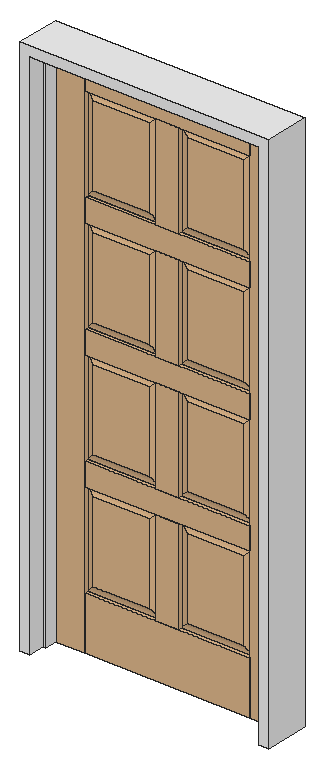
Revit family
Parameters (values of type "1 3/4" Raised Panel")
  URL = "http://www.karonadoor.com"
  Thickness Note = "Do not edit thickness."  # constant formula
  Thickness = 1.774"
  Swing Angle 2D = 90.00°
  SmartBIM Object Version = 1  # constant formula
  SmartBIM Object Created By = "Reed Construction Data"  # constant formula
  Rough Width = 0.000"
  Rough Height = 1.750"
  Panel = Panel_K5810_Karona : 1 3/4" - Raised Panel
  Model = "K5810 Square"  # constant formula
  Manufacturer = "Karona , Inc."  # constant formula
  Detail Door Thickness = 1.750"
  Assembly Code = ""
  Top Rail Height = 5.000"
  Top Rail = Wood, Cherry - Grain Horizontal
  Stile Width = 5.063"
  Stile = Wood, Cherry - Grain Vertical
  Sticking = Wood, Cherry - Grain Vertical
  Middle Rail = Wood, Cherry - Grain Horizontal
  Height = 84.000"
  Wall Closure = (empty or 0)
  Width = 36.000"
  Frame = Metal
  Bottom Rail Height = 8.500"
  Bottom Rail = Wood, Cherry - Grain Horizontal
  95 CSI = "08210"  # constant formula
  04 CSI = "08 14 33"  # constant formula
Types (9): name | Thickness | Rough Height | Panel | Detail Door Thickness
  1 3/4" Flat Panel | 1.774" | 1.750" | Panel_K5810_Karona : 1 3/4" - Flat Panel | 1.750"
  1 3/8" Flat Panel | 1.334" | 0.000" | Panel_K5810_Karona : 1 3/8" - Flat Panel | 1.375"
  2 1/4" Flat Panel | 2.250" | 0.000" | Panel_K5810_Karona : 2 1/4" - Flat Panel | 2.250"
  1 3/4" Glass Panel | 1.774" | 1.750" | Panel_K5810_Karona : 1 3/4" - Glass Panel | 1.750"
  1 3/8" Glass Panel | 1.334" | 0.000" | Panel_K5810_Karona : 1 3/8" - Glass Panel | 1.375"
  2 1/4" Glass Panel | 2.250" | 0.000" | Panel_K5810_Karona : 2 1/4" - Glass | 2.250"
  1 3/4" Raised Panel | 1.774" | 1.750" | Panel_K5810_Karona : 1 3/4" - Raised Panel | 1.750"
  1 3/8" Raised Panel | 1.334" | 0.000" | Panel_K5810_Karona : 1 3/8" - Raised Panel | 1.375"
  2 1/4" Raised Panel | 2.250" | 0.000" | Panel_K5810_Karona : 2 1/4" - Raised Panel | 2.250"
Reference planes (in)
  plane 1 "Center (Front/Back)": y = 0
  plane 2 "Center (Left/Right)": x = 0
  plane 3 "Left": x = -18
  plane 4 "Right": x = 18
  plane 5 "Top": z = 84
  plane 6 "Exterior Edge of Frame": y = 3.5
  plane 7 "Interior Edge of Frame": y = -3.5
  plane 8: y = 1
  plane 9: y = -1
  plane 10 "Opening Left": x = -19.5
  plane 11 "Opening Right": x = 19.5
  plane 12 "Top of Opening": z = 85.5
  plane 13: x = -17.5
Forms (in)
  Sweep 1, solid, material "Metal" <- "Frame"
    path origin (0, 0, 0) x (1, 0, 0) y (0, 0, 1)
      loop
        line (-19.5, 0) -> (-19.5, 85.5) -> (19.5, 85.5) -> (19.5, 0)
    profile origin (-19.5, 0, 42.75) x (-1, 0, 0) y (0, -1, 0)
      loop
        line (0, -3.5) -> (0, 3.5) -> (-1.5, 3.5) -> (-1.5, 1) -> (-2, 1) -> (-2, -1) -> (-1.5, -1) -> (-1.5, -3.5) -> (0, -3.5)
Lines and regions (in)
  Opening 1
    outline origin (-90, -3, 0) x (1, 0, 0) y (0, 0, 1)
      loop
        line (70.5, 0) -> (109.5, 0) -> (109.5, 85.5) -> (70.5, 85.5) -> (70.5, 0)
  symbolic lines, style "Elevation Swing"
    curve 1: line (18, 3, 0) -> (-18, 3, 42)
    curve 2: line (-18, 3, 42) -> (18, 3, 84)
Text (in)
  text "Exterior" at (-46.13199, 20.20143, 0), in view "Ref. Level"
  text "Interior" at (-46.13199, -10.56751, 0), in view "Ref. Level"
  text "Exterior" at (0, 40.15149, 123.01588), in view "Right"
  text "Interior" at (0, -64.39139, 123.01588), in view "Right"
  text "Interior" at (0, -31.01599, 123.00693), in view "Left"
  text "Exterior" at (0, 54.57065, 123.00693), in view "Left"
Dimensions and locks (in)
  "Height": level to plane 5 "Top"
  "Width": plane 3 "Left" to plane 4 "Right"
  equal spacing: host wall, curve 2, plane 5 "Top"
  locked: host wall to plane 7 "Interior Edge of Frame" at 0.5
  locked: plane 6 "Exterior Edge of Frame" to host wall at 0.5
  locked: plane 9 to plane 7 "Interior Edge of Frame" at 2.5
  locked: plane 6 "Exterior Edge of Frame" to plane 8 at 2.5
  equal spacing: plane 3 "Left", plane 2 "Center (Left/Right)", plane 4 "Right"
  locked: plane 4 "Right" to plane 11 "Opening Right" at 1.5
  locked: plane 5 "Top" to plane 12 "Top of Opening" at 1.5
  locked: plane 3 "Left" to plane 13 at 0.5
  locked: plane 10 "Opening Left" to plane 3 "Left" at 1.5
  aligned and locked: Opening 1 sketch curve to level
  aligned and locked: plane 4 "Right" to curve 1
  aligned and locked: plane 3 "Left" to curve 1
  aligned and locked: plane 5 "Top" to curve 2
  aligned and locked: Opening 1 sketch curve to plane 11 "Opening Right"
  aligned and locked: plane 12 "Top of Opening" to Opening 1 sketch curve
  aligned and locked: Opening 1 sketch curve to plane 10 "Opening Left"
  aligned and locked: plane 10 "Opening Left" to Sweep 1 sketch curve
  aligned and locked: plane 12 "Top of Opening" to Sweep 1 sketch curve
  aligned and locked: plane 11 "Opening Right" to Sweep 1 sketch curve
  aligned and locked: level to Sweep 1 sketch curve  (x2)
  aligned and locked: Sweep 1 sketch curve to plane 10 "Opening Left"
  aligned and locked: Sweep 1 sketch curve to plane 6 "Exterior Edge of Frame"
  aligned and locked: Sweep 1 sketch curve to plane 7 "Interior Edge of Frame"
  aligned and locked: Sweep 1 sketch curve to plane 8
  aligned and locked: Sweep 1 sketch curve to plane 9
  aligned and locked: plane 13 to Sweep 1 sketch curve
  aligned and locked: plane 3 "Left" to Sweep 1 sketch curve  (x2)
  aligned and locked: nested 1 to plane 2 "Center (Left/Right)"
  aligned and locked: nested 1 to plane 8
  aligned and locked: nested 2 to plane 3 "Left"
  aligned and locked: nested 2 to plane 8
Automatic sketch dimensions
  curve 1 to level = 0.000"
  curve 2 to plane 4 "Right" = 0.000"
Nested families (in)
  nested 1: "Panel_K5810_Karona" at (-13.5, 0.6591, 0) x (-1, 0, 0) z (0, 0, 1), type <- "Panel", type "1 3/4" - Raised Panel"
    with Top Rail Height 5.000", Top Panel Offset 12.45313", Stile Width 5.063", Panel Width 11.1245", Panel Height 14.90625", Half Panel Width 5.56225", Half Panel Height 7.45313", Cross Rail and Panel Spacing Start 9.26562", Cross Rail Panel Height 18.53125", Bottom Rail Height 8.500"
  nested 2: "Door Panel Plan View" at (-31.5, 1, 0) x (-1, 0, 0) z (0, 0, 1), type "Door Panel Plan View"
    with Thickness 1.750", Height 84.000"
Definition of nested family "Panel_K5810_Karona"
  Parameters (values of type "1 3/4" - Raised Panel")
    Width = 36.000"
    Top Rail Material = Wood, Cherry - Grain Horizontal
    Top Rail Height = 10.000"
    Top Panel Offset = Top Rail Height + Half Panel Height  # 16.64063"
    Thickness Note = "Do not change door thickness"  # constant formula
    Thickness = 1.774"
    Stile Width = 10.000"
    Stile Material = Wood, Cherry - Grain Vertical
    Sticking Material = Wood, Cherry - Grain Vertical
    Panel Width = (Width - (Stile Width + Stile Width + Mullion Width)) / 2  # 6.1875"
    Panel Height = (Height - (Bottom Rail Height + Top Rail Height) - (3 * Mullion Width)) / 4  # 13.28125"
    Panel = Glass-Sticking-Assembly-Square_Karona : Raised Panel
    Mullion Width = 3.625"  # constant formula
    Interior Panel = Wood, Cherry - Grain Vertical
    Height = 84.000"
    Half Panel Width = 0.5 * Panel Width  # 3.09375"
    Half Panel Height = 0.5 * Panel Height  # 6.64063"
    Exterior Edge - Glass Bottom Offset = if(Thickness = 1.774", 0.567", if(Thickness = 2.250", 0.803", 0.469"))  # 0.567"
    Door Panel Material = Wood, Cherry - Grain Vertical
    Default Elevation = 0.000"  # constant formula
    Cross Rail and Panel Spacing Start = Half Panel Height + 0.5 * (3.625")  # 8.45313"
    Cross Rail Panel Height = Panel Height + 3.625"  # 16.90625"
    Bottom Rail Material = Wood, Cherry - Grain Horizontal
    Bottom Rail Height = 10.000"
    Assembly Code = ""
  Types (9): name | Top Rail Height | Top Panel Offset | Thickness | Stile Width | Panel Width | Panel Height | Panel | Interior Panel | Half Panel Width | Half Panel Height | Exterior Edge - Glass Bottom Offset | Cross Rail and Panel Spacing Start | Cross Rail Panel Height | Bottom Rail Height
    2 1/4" - Flat Panel | 5.000" | 12.45313" | 2.250" | 5.063" | 11.1245" | 14.90625" | Glass-Sticking-Assembly-Square_Karona : Flat Panel | Wood, Cherry - Grain Vertical | 5.56225" | 7.45313" | 0.803" | 9.26562" | 18.53125" | 8.500"
    2 1/4" - Glass | 5.000" | 12.45313" | 2.250" | 5.063" | 11.1245" | 14.90625" | Glass-Sticking-Assembly-Square_Karona : Glass Panel | Glass | 5.56225" | 7.45313" | 0.803" | 9.26562" | 18.53125" | 8.500"
    2 1/4" - Raised Panel | 5.000" | 12.45313" | 2.250" | 5.063" | 11.1245" | 14.90625" | Glass-Sticking-Assembly-Square_Karona : Raised Panel | Wood, Cherry - Grain Vertical | 5.56225" | 7.45313" | 0.803" | 9.26562" | 18.53125" | 8.500"
    1 3/4" - Raised Panel | 10.000" | 16.64063" | 1.774" | 10.000" | 6.1875" | 13.28125" | Glass-Sticking-Assembly-Square_Karona : Raised Panel | Wood, Cherry - Grain Vertical | 3.09375" | 6.64063" | 0.567" | 8.45313" | 16.90625" | 10.000"
    1 3/4" - Flat Panel | 5.000" | 12.45313" | 1.774" | 5.063" | 11.1245" | 14.90625" | Glass-Sticking-Assembly-Square_Karona : Flat Panel | Wood, Cherry - Grain Vertical | 5.56225" | 7.45313" | 0.567" | 9.26562" | 18.53125" | 8.500"
    1 3/4" - Glass Panel | 5.000" | 12.45313" | 1.774" | 5.063" | 11.1245" | 14.90625" | Glass-Sticking-Assembly-Square_Karona : Glass Panel | Glass | 5.56225" | 7.45313" | 0.567" | 9.26562" | 18.53125" | 8.500"
    1 3/8" - Raised Panel | 5.000" | 12.45313" | 1.334" | 5.063" | 11.1245" | 14.90625" | Glass-Sticking-Assembly-Square_Karona : Raised Panel | Wood, Cherry - Grain Vertical | 5.56225" | 7.45313" | 0.469" | 9.26562" | 18.53125" | 8.500"
    1 3/8" - Glass Panel | 5.000" | 12.45313" | 1.334" | 5.063" | 11.1245" | 14.90625" | Glass-Sticking-Assembly-Square_Karona : Glass Panel | Glass | 5.56225" | 7.45313" | 0.469" | 9.26562" | 18.53125" | 8.500"
    1 3/8" - Flat Panel | 5.000" | 12.45313" | 1.334" | 5.063" | 11.1245" | 14.90625" | Glass-Sticking-Assembly-Square_Karona : Flat Panel | Wood, Cherry - Grain Vertical | 5.56225" | 7.45313" | 0.469" | 9.26562" | 18.53125" | 8.500"
  Reference planes (in)
    plane 1 "Center (Front/Back)": y = 1.2279
    plane 2: z = 0
    plane 3 "Center (Left/Right)": x = -13.5
    plane 4 "Left": x = -31.5
    plane 5: x = 4.5
    plane 6 "Inner Left": x = -21.5
    plane 7 "Inner Right": x = -5.5
    plane 8: z = 10
    plane 9 "Bottom Of Top Rail": z = 74
    plane 10 "Top": z = 84
    plane 11 "Interior Edge of Door": y = 2.1149
    plane 12: z = 74
    plane 13 "Exterior Edge of Door": y = 0.3409
    plane 14 "Bottom of Glass": y = 0.9095
    plane 15 "Left Panel Vertical Midline": x = -18.40625
    plane 16 "Right Panel Vertical Midline": x = -8.59375
    plane 17 "Center of Left Vertical Mullion": x = -15.95313
    plane 18 "Center of Right Vertical Mullion": x = -11.04688
    plane 19 "Horizontal Midline Panel 2": z = 66.78125
    plane 20 "Horizontal Midline Panel 3": z = 43.8125
    plane 21 "Horizontal Midline Panel 4": z = 40.1875
    plane 22 "Horizontal Midline Panel 5": z = 25.09375
    plane 23 "Cross Rail 3": z = 45.9375
    plane 24 "Cross Rail 4": z = 26.90625
    plane 25 "Cross Rail Bottom": z = 23.28125
    plane 26 "Horizontal Midline Panel 6": z = 16.64063
    plane 27: z = 67.35938
    plane 28 "Cross Rail 2": z = 57.09375
    plane 29 "Cross Rail Top": z = 60.71875
    plane 30: z = 50.45313
    plane 31: z = 33.54688
    plane 32: x = -15.313
    plane 33: x = -11.688
  Forms (in)
    Extrusion 1, solid, material "Wood, Cherry - Grain Horizontal" <- "Bottom Rail Material"
      sketch origin (0, -101.3125, 0) x (1, 0, 0) y (0, 0, 1)
        loop
          line (-21.5, 0) -> (-5.5, 0) -> (-5.5, 10) -> (-21.5, 10) -> (-21.5, 0)
      from -101.6534 to -103.4274
    Extrusion 2, solid, material "Wood, Cherry - Grain Vertical" <- "Stile Material"
      sketch origin (0, 1.2279, 0) x (1, 0, 0) y (0, 0, 1)
        loop
          line (-31.5, 84) -> (-31.5, 0) -> (-21.5, 0) -> (-21.5, 84) -> (-31.5, 84)
        loop
          line (-5.5, 0) -> (4.5, 0) -> (4.5, 84) -> (-5.5, 84) -> (-5.5, 0)
      from 0.887 to -0.887
    Extrusion 3, solid, material "Wood, Cherry - Grain Horizontal" <- "Top Rail Material"
      sketch origin (0, 1.2279, 0) x (1, 0, 0) y (0, 0, 1)
        loop
          line (-21.5, 84) -> (-21.5, 74) -> (-5.5, 74) -> (-5.5, 84) -> (-21.5, 84)
      from 0.887 to -0.887
    Extrusion 4, solid, material "Wood, Cherry - Grain Horizontal" <- "Top Rail Material"
      sketch origin (-0.8, 1.5475, 78.95) x (0, 0, -1) y (0, -1, 0)
        loop
          line (18.23125, -0.5674) -> (21.85625, -0.5674) -> (21.85625, 1.2066) -> (18.23125, 1.2066) -> (18.23125, -0.5674)
        loop
          line (55.66875, 1.2066) -> (52.04375, 1.2066) -> (52.04375, -0.5674) -> (55.66875, -0.5674) -> (55.66875, 1.2066)
        loop
          line (35.1375, -0.5674) -> (38.7625, -0.5674) -> (38.7625, 1.2066) -> (35.1375, 1.2066) -> (35.1375, -0.5674)
      from 4.7 to 20.7
    Extrusion 5, solid, material "Wood, Cherry - Grain Vertical" <- "Stile Material"
      sketch origin (0, 1.2279, 0) x (1, 0, 0) y (0, 0, 1)
        loop
          line (-15.313, 74) -> (-15.313, 60.71875) -> (-11.688, 60.71875) -> (-11.688, 74) -> (-15.313, 74)
        loop
          line (-15.313, 10) -> (-11.688, 10) -> (-11.688, 23.28125) -> (-15.313, 23.28125) -> (-15.313, 10)
        loop
          line (-15.313, 57.09375) -> (-15.313, 43.8125) -> (-11.688, 43.8125) -> (-11.688, 57.09375) -> (-15.313, 57.09375)
        loop
          line (-15.313, 40.1875) -> (-15.313, 26.90625) -> (-11.688, 26.90625) -> (-11.688, 40.1875) -> (-15.313, 40.1875)
      from -0.887 to 0.887
  Text (in)
    text "EXTERIOR" at (-34.59289, -1.27941, 0), in view "Ref. Level"
    text "EXTERIOR" at (0, -9.65287, 72.76687), in view "Left"
    text "EXTERIOR" at (0, -33.33473, 96.68074), in view "Right"
  Dimensions and locks (in)
    equal spacing: plane 4 "Left", plane 3 "Center (Left/Right)", plane 5
    "Width": plane 4 "Left" to plane 5
    "Stile Width": plane 4 "Left" to plane 6 "Inner Left"
    "Stile Width": plane 5 to plane 7 "Inner Right"
    "Bottom Rail Height": plane 8 to plane 2
    "Top Rail Height": plane 10 "Top" to plane 9 "Bottom Of Top Rail"
    "Height": plane 10 "Top" to plane 2
    equal spacing: plane 11 "Interior Edge of Door", plane 1 "Center (Front/Back)", plane 13 "Exterior Edge of Door"
    "Thickness": plane 11 "Interior Edge of Door" to plane 13 "Exterior Edge of Door"
    plane 14 "Bottom of Glass" to plane 13 "Exterior Edge of Door" = 0.5686"
    plane 13 "Exterior Edge of Door" to plane 14 "Bottom of Glass" = 0.5686"
    "Half Panel Width": plane 15 "Left Panel Vertical Midline" to plane 6 "Inner Left"
    "Half Panel Width": plane 7 "Inner Right" to plane 16 "Right Panel Vertical Midline"
    equal spacing: plane 3 "Center (Left/Right)", plane 17 "Center of Left Vertical Mullion", plane 15 "Left Panel Vertical Midline"
    equal spacing: plane 16 "Right Panel Vertical Midline", plane 18 "Center of Right Vertical Mullion", plane 3 "Center (Left/Right)"
    "Half Panel Height": plane 26 "Horizontal Midline Panel 6" to plane 8
    "Half Panel Height": plane 31 to plane 24 "Cross Rail 4"
    "Half Panel Height": plane 30 to plane 20 "Horizontal Midline Panel 3"
    "Mullion Width": plane 20 "Horizontal Midline Panel 3" to plane 21 "Horizontal Midline Panel 4"
    "Mullion Width": plane 29 "Cross Rail Top" to plane 28 "Cross Rail 2"
    "Mullion Width": plane 24 "Cross Rail 4" to plane 25 "Cross Rail Bottom"
    "Half Panel Height": plane 27 to plane 29 "Cross Rail Top"
    "Thickness": Extrusion 4 sketch curve to Extrusion 4 sketch curve  (x3)
    "Mullion Width": Extrusion 4 sketch curve to Extrusion 4 sketch curve  (x3)
    equal spacing: plane 12, plane 27, plane 29 "Cross Rail Top"
    equal spacing: plane 28 "Cross Rail 2", plane 30, plane 20 "Horizontal Midline Panel 3"
    equal spacing: plane 21 "Horizontal Midline Panel 4", plane 31, plane 24 "Cross Rail 4"
    plane 25 "Cross Rail Bottom" to plane 26 "Horizontal Midline Panel 6" to plane 8 = 6.64062", 6.64063"
    equal spacing: plane 19 "Horizontal Midline Panel 2", plane 23 "Cross Rail 3", plane 22 "Horizontal Midline Panel 5"
    equal spacing: plane 24 "Cross Rail 4", plane 22 "Horizontal Midline Panel 5", plane 25 "Cross Rail Bottom"
    "Mullion Width": plane 33 to plane 32
    aligned and locked: Extrusion 1 to plane 2
    aligned and locked: plane 4 "Left" to Extrusion 2 sketch curve
    aligned and locked: Extrusion 2 sketch curve to plane 10 "Top"
    aligned and locked: Extrusion 2 sketch curve to Extrusion 1  (x3)
    aligned and locked: Extrusion 1 to Extrusion 2 sketch curve
    aligned and locked: plane 10 "Top" to Extrusion 2 sketch curve
    aligned and locked: plane 5 to Extrusion 2 sketch curve
    aligned and locked: Extrusion 2 to Extrusion 3 sketch curve
    aligned and locked: Extrusion 3 sketch curve to Extrusion 2
    aligned and locked: plane 12 to plane 9 "Bottom Of Top Rail"
    aligned and locked: level to plane 2
    aligned and locked: Extrusion 3 to plane 12  (x2)
    aligned and locked: Extrusion 1 to Extrusion 2
    aligned and locked: nested 1 to plane 16 "Right Panel Vertical Midline"
    aligned and locked: plane 16 "Right Panel Vertical Midline" to nested 4
    aligned and locked: plane 16 "Right Panel Vertical Midline" to nested 3
    aligned and locked: plane 16 "Right Panel Vertical Midline" to nested 2
    aligned and locked: plane 8 to Extrusion 1  (x2)
    aligned and locked: nested 1 to plane 1 "Center (Front/Back)"
    aligned and locked: nested 2 to plane 1 "Center (Front/Back)"
    aligned and locked: nested 3 to plane 1 "Center (Front/Back)"
    aligned and locked: plane 11 "Interior Edge of Door" to Extrusion 3
    aligned and locked: Extrusion 3 to plane 13 "Exterior Edge of Door"
    aligned and locked: Extrusion 2 to plane 13 "Exterior Edge of Door"
    aligned and locked: plane 11 "Interior Edge of Door" to Extrusion 2
    aligned and locked: plane 29 "Cross Rail Top" to Extrusion 4 sketch curve
    aligned and locked: Extrusion 4 sketch curve to plane 13 "Exterior Edge of Door"
    aligned and locked: Extrusion 4 sketch curve to plane 21 "Horizontal Midline Panel 4"
    aligned and locked: Extrusion 4 sketch curve to plane 25 "Cross Rail Bottom"
    aligned and locked: plane 28 "Cross Rail 2" to Extrusion 4
    aligned and locked: Extrusion 1 to plane 13 "Exterior Edge of Door"
    aligned and locked: plane 11 "Interior Edge of Door" to Extrusion 1
    aligned and locked: Extrusion 5 sketch curve to plane 12
    aligned and locked: Extrusion 5 sketch curve to plane 8
    aligned and locked: plane 29 "Cross Rail Top" to Extrusion 5 sketch curve
    aligned and locked: plane 28 "Cross Rail 2" to Extrusion 5 sketch curve
    aligned and locked: Extrusion 5 sketch curve to plane 20 "Horizontal Midline Panel 3"
    aligned and locked: Extrusion 5 sketch curve to plane 21 "Horizontal Midline Panel 4"
    aligned and locked: Extrusion 5 sketch curve to plane 24 "Cross Rail 4"
    aligned and locked: Extrusion 5 sketch curve to plane 25 "Cross Rail Bottom"
    aligned and locked: plane 11 "Interior Edge of Door" to Extrusion 5
    aligned and locked: Extrusion 5 to plane 13 "Exterior Edge of Door"
    aligned and locked: plane 33 to Extrusion 5 sketch curve  (x4)
    aligned and locked: Extrusion 5 sketch curve to plane 32  (x4)
    aligned and locked: Extrusion 5 to plane 32  (x4)
    aligned and locked: nested 6 to plane 31
    aligned and locked: nested 7 to plane 30
    aligned and locked: nested 5 to plane 26 "Horizontal Midline Panel 6"
    aligned and locked: nested 8 to plane 27
    aligned and locked: plane 27 to nested 4
    aligned and locked: Extrusion 4 to plane 6 "Inner Left"
    aligned and locked: plane 7 "Inner Right" to Extrusion 4
    aligned and locked: plane 15 "Left Panel Vertical Midline" to nested 8
    aligned and locked: plane 15 "Left Panel Vertical Midline" to nested 7
    aligned and locked: plane 15 "Left Panel Vertical Midline" to nested 6
    aligned and locked: nested 5 to plane 15 "Left Panel Vertical Midline"
    aligned and locked: plane 31 to nested 2
    aligned and locked: plane 30 to nested 3
    aligned and locked: plane 26 "Horizontal Midline Panel 6" to nested 1
  Automatic sketch dimensions
    Extrusion 1 sketch curve to plane 6 "Inner Left" = 0.000"
    Extrusion 1 sketch curve to plane 7 "Inner Right" = 0.000"
    Extrusion 1 sketch curve to level = 0.000"
    Extrusion 1 sketch curve to plane 8 = 0.000"
    Extrusion 3 sketch curve to plane 7 "Inner Right" = 0.000"
    plane 9 "Bottom Of Top Rail" to Extrusion 3 sketch curve = 0.000"
    Extrusion 4 sketch curve to Extrusion 4 sketch curve = 0.000"  (x2)
  Nested families (in)
    nested 1: "Glass-Sticking-Assembly-Square_Karona" at (-9.0625, 1.3784, 10), Width <- "Panel Width", Height <- "Panel Height", type <- "Panel", type "Raised Panel"
      with Width 6.1875", Height 13.28125"
    nested 2: "Glass-Sticking-Assembly-Square_Karona" at (-9.0625, 1.3784, 26.90625), Width <- "Panel Width", Height <- "Panel Height", type <- "Panel", type "Raised Panel"
      with Width 6.1875", Height 13.28125"
    nested 3: "Glass-Sticking-Assembly-Square_Karona" at (-9.0625, 1.3784, 43.8125), Width <- "Panel Width", Height <- "Panel Height", type <- "Panel", type "Raised Panel"
      with Width 6.1875", Height 13.28125"
    nested 4: "Glass-Sticking-Assembly-Square_Karona" at (-9.0625, 1.38, 60.71875), Width <- "Panel Width", Height <- "Panel Height", type <- "Panel", type "Raised Panel"
      with Width 6.1875", Height 13.28125"
    nested 5: "Glass-Sticking-Assembly-Square_Karona" at (-17.9375, 1.3784, 10) x (-1, 0, 0) z (0, 0, 1), Width <- "Panel Width", Height <- "Panel Height", type <- "Panel", type "Raised Panel"
      with Width 6.1875", Height 13.28125"
    nested 6: "Glass-Sticking-Assembly-Square_Karona" at (-17.9375, 1.3784, 26.90625) x (-1, 0, 0) z (0, 0, 1), Width <- "Panel Width", Height <- "Panel Height", type <- "Panel", type "Raised Panel"
      with Width 6.1875", Height 13.28125"
    nested 7: "Glass-Sticking-Assembly-Square_Karona" at (-17.9375, 1.3784, 43.8125) x (-1, 0, 0) z (0, 0, 1), Width <- "Panel Width", Height <- "Panel Height", type <- "Panel", type "Raised Panel"
      with Width 6.1875", Height 13.28125"
    nested 8: "Glass-Sticking-Assembly-Square_Karona" at (-17.9375, 1.38, 60.71875) x (-1, 0, 0) z (0, 0, 1), Width <- "Panel Width", Height <- "Panel Height", type <- "Panel", type "Raised Panel"
      with Width 6.1875", Height 13.28125"
  Definition of nested family "Glass-Sticking-Assembly-Square_Karona"
    Parameters (values of type "Glass Panel")
      Width [instance] = 19.000"
      Stop Adjustment = if(and(not(Glass Panel), Door Thickness = 1.774"), 0.513", if(and(not(Glass Panel), Door Thickness = 2.250"), 0.513", if((Glass Panel), 0.125", 0.273")))  # 0.125"
      Profile = Wood, Cherry - Grain Vertical
      Height [instance] = 23.000"
      Raised Panel = no
      Interior Panel = Wood, Cherry - Grain Vertical
      Glass Panel = yes
      Door Thickness = 1.774"
      C = if(Glass Panel, 0.125", if(Door Thickness = 1.774", 0.200", if(Door Thickness = 2.250", 0.439", 0.191")))  # 0.125"
      B = if(Door Thickness = 1.774", 0.567", if(Door Thickness = 2.250", 0.803", 0.469"))  # 0.567"
      Assembly Code = ""
      A = if(Door Thickness = 1.774", 0.197", if(Door Thickness = 2.250", 0.433", 0.194"))  # 0.197"
    Types (3): name | Width | Stop Adjustment | Raised Panel | Glass Panel | C
      Glass Panel | 19.000" | 0.125" | no | yes | 0.125"
      Flat Panel | 4.500" | 0.513" | no | no | 0.200"
      Raised Panel | 4.000" | 0.513" | yes | no | 0.200"
    Reference planes (in)
      plane 1 "Stop Adjustment Edge": y = -0.3455
      plane 2: z = 0
      plane 3 "Center (Left/Right)": x = 0.46875
      plane 4 "Back": y = 0.7365
      plane 5 "Front": y = -1.0375
      plane 6 "Left": x = -9.03125
      plane 7 "Right": x = 9.96875
      plane 8 "Top": z = 23
      plane 9 "Center (Up/Down)": z = 11.5
      plane 10 "Bottom of Stop": y = -0.2205
      plane 11 "Bottom of Glass": y = -0.4705
      plane 12 "Right Edge of Glass": x = 10.35675
      plane 13 "Left Edge of Glass": x = -9.41925
      plane 14 "Top Edge of Glass": z = 23.34425
      plane 15 "Bottom Edge of Glass": z = -0.34425
      plane 16 "A": y = -0.8405
      plane 17 "C": y = 0.6115
      plane 18: z = 0.438
      plane 19: z = 22.562
      plane 20: x = -8.59325
      plane 21: x = 9.53075
      plane 22 "Center (Front/Back)": y = -0.1505
      plane 23: x = -9.46925
      plane 24: x = 10.40675
      plane 25: z = 23.438
      plane 26: z = -0.438
    Forms (in)
      Extrusion 1, solid, material "Wood, Cherry - Grain Vertical" <- "Interior Panel"
        sketch origin (0, 0, 0) x (1, 0, 0) y (0, 1, 0)
          loop
            line (-9.41925, -0.2205) -> (-9.41925, -0.4705) -> (10.35675, -0.4705) -> (10.35675, -0.2205) -> (-9.41925, -0.2205)
        from -0.34425 to 23.34425
      Extrusion 2, solid, material "Wood, Cherry - Grain Vertical" <- "Profile", visible <- "Raised Panel"
        sketch origin (0, 0, 0) x (1, 0, 0) y (0, 1, 0)
          loop
            line (9.96875, 0.6115) -> (-9.03125, 0.6115) -> (-9.03125, -0.2205) -> (9.96875, -0.2205) -> (9.96875, 0.6115)
          loop
            line (-9.03125, -0.4705) -> (-9.03125, -0.8405) -> (9.96875, -0.8405) -> (9.96875, -0.4705) -> (-9.03125, -0.4705)
        from 0 to 23
      Sweep 3, void
        path origin (0, -0.2205, 0) x (-1, 0, 0) y (0, 0, 1)
          loop
            line (9.46925, -0.438) -> (9.46925, 23.438) -> (-10.40675, 23.438) -> (-10.40675, -0.438) -> (9.46925, -0.438)
        profile "Profile : 05" origin (-9.46925, -0.2205, 11.5) x (1, 0, 0) y (0, 1, 0)
          loop
            line (0, 0.05) -> (0.36169, 0.05096)
            arc (0.36169, 0.05096) -> (1.01257, 0.13642) -> (1.61934, 0.387) r 2.52143
            line (1.61934, 0.387) -> (0, 0.387) -> (0, 0.05)
      Sweep 4, void
        path origin (0, -0.4705, 0) x (-1, 0, 0) y (0, 0, 1)
          loop
            line (-10.40675, 23.438) -> (-10.40675, -0.438) -> (9.46925, -0.438) -> (9.46925, 23.438) -> (-10.40675, 23.438)
        profile "Profile : 05" origin (10.40675, -0.4705, 11.5) x (-1, 0, 0) y (0, 1, 0)
          loop
            line (0, -0.05) -> (0, -0.387) -> (1.61934, -0.387)
            arc (1.61934, -0.387) -> (1.01257, -0.13642) -> (0.36169, -0.05096) r 2.52143
            line (0.36169, -0.05096) -> (0, -0.05)
    Cuts and joins
      Sweep 3, Sweep 4 cuts Extrusion 2
    Text (in)
      text "INTERIOR" at (-14.3788, 3.49864, 0), in view "Ref. Level"
    Dimensions and locks (in)
      equal spacing: plane 6 "Left", plane 3 "Center (Left/Right)", plane 7 "Right"
      "Width": plane 6 "Left" to plane 7 "Right"
      "Door Thickness": plane 4 "Back" to plane 5 "Front"
      "Height": plane 8 "Top" to plane 2
      equal spacing: plane 8 "Top", plane 9 "Center (Up/Down)", level
      locked: plane 1 "Stop Adjustment Edge" to plane 11 "Bottom of Glass" at 0.125
      "Stop Adjustment": plane 10 "Bottom of Stop" to plane 1 "Stop Adjustment Edge"
      locked: plane 7 "Right" to plane 12 "Right Edge of Glass" at 0.388
      locked: plane 14 "Top Edge of Glass" to plane 8 "Top" at 0.34425
      locked: level to plane 15 "Bottom Edge of Glass" at 0.34425
      locked: plane 13 "Left Edge of Glass" to plane 6 "Left" at 0.388
      "B": plane 5 "Front" to plane 11 "Bottom of Glass"
      "A": plane 5 "Front" to plane 16 "A"
      "C": plane 17 "C" to plane 4 "Back"
      locked: plane 18 to level at 0.438
      locked: plane 8 "Top" to plane 19 at 0.438
      locked: plane 6 "Left" to plane 20 at 0.438
      locked: plane 21 to plane 7 "Right" at 0.438
      equal spacing: plane 4 "Back", plane 22 "Center (Front/Back)", plane 5 "Front"
      locked: plane 23 to plane 13 "Left Edge of Glass" at 0.05
      locked: plane 12 "Right Edge of Glass" to plane 24 at 0.05
      locked: plane 25 to plane 14 "Top Edge of Glass" at 0.09375
      locked: plane 15 "Bottom Edge of Glass" to plane 26 at 0.09375
      aligned and locked: Extrusion 1 sketch curve to plane 13 "Left Edge of Glass"
      aligned and locked: Extrusion 1 sketch curve to plane 10 "Bottom of Stop"
      aligned and locked: Extrusion 1 sketch curve to plane 11 "Bottom of Glass"
      aligned and locked: Extrusion 1 sketch curve to plane 12 "Right Edge of Glass"
      aligned and locked: plane 14 "Top Edge of Glass" to Extrusion 1
      aligned and locked: Extrusion 1 to plane 15 "Bottom Edge of Glass"
      aligned and locked: Extrusion 2 sketch curve to plane 17 "C"
      aligned and locked: Extrusion 2 sketch curve to plane 10 "Bottom of Stop"
      aligned and locked: Extrusion 2 sketch curve to plane 11 "Bottom of Glass"
      aligned and locked: Extrusion 2 sketch curve to plane 16 "A"
      aligned and locked: plane 25 to Sweep 4 sketch curve
      aligned and locked: Sweep 4 sketch curve to plane 23
      aligned and locked: plane 24 to Sweep 4 sketch curve
      aligned and locked: Sweep 4 sketch curve to plane 26
      aligned and locked: plane 25 to Sweep 3 sketch curve
      aligned and locked: plane 24 to Sweep 3 sketch curve
      aligned and locked: Sweep 3 sketch curve to plane 23
      aligned and locked: Sweep 3 sketch curve to plane 26
      aligned and locked: plane 6 "Left" to Extrusion 2 sketch curve  (x2)
      aligned and locked: plane 7 "Right" to Extrusion 2 sketch curve  (x2)
      aligned and locked: plane 8 "Top" to Extrusion 2
      aligned and locked: Extrusion 2 to level
Definition of nested family "Door Panel Plan View"
  Parameters (values of type "Door Panel Plan View")
    Width = 36.000"
    Thickness = 2.000"
    Swing Angle 2D = 90.00°
    Height = 0.000"
    Assembly Code = ""
  Reference planes (in)
    plane 1 "Center (Front/Back)": y = 0
    plane 2: z = 0
    plane 3 "Center (Left/Right)": x = -13.5
  Lines and regions (in)
    symbolic lines, style "DoorsPanelProjection"
      curve 1: line (-13.5, 0, 0) -> (-13.5, 36, 0)
      curve 2: line (-15.5, 0, 0) -> (-15.5, 36, 0)
      curve 3: line (-13.5, 0, 0) -> (-15.5, 0, 0)
      curve 4: line (-13.5, 36, 0) -> (-15.5, 36, 0)
    symbolic lines, style "Plan Swing"
      curve 5: arc (-13.5, 36, 0) -> (-38.95584, 25.45584, 0) -> (-49.5, 0, 0) r 36
  Dimensions and locks (in)
    "Width": curve 4 to curve 3
    "Thickness": curve 1 to curve 2
    "Swing Angle 2D": angle curve 1 to plane 1 "Center (Front/Back)"
    aligned and locked: plane 1 "Center (Front/Back)" to curve 5
  Automatic sketch dimensions
    curve 3 to plane 1 "Center (Front/Back)" = 0.000"
    curve 5 to plane 3 "Center (Left/Right)" = 0.000"
    curve 3 to plane 3 "Center (Left/Right)" = 0.000"
